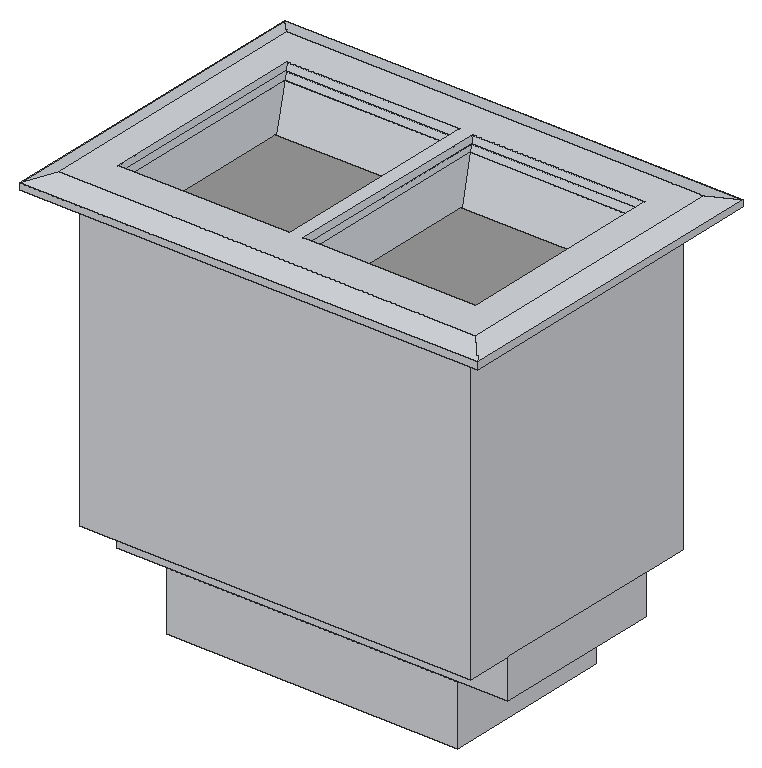
Revit family "2061104 Sylvania Lighting Fixture DOMINO 2xLED 930 WHITE MB TRIM WHITE", category Lighting Fixtures, host Face, Revit 2018
Family settings
  Host = Face
  Round Connector Dimension = Use Diameter
  Part Type = Normal
  OmniClass Number = 23.80.70.00
  OmniClass Title = Lighting
  Cut with Voids When Loaded = No
  Light Source = Yes
  Shared = No
  Room Calculation Point = No
Parameters (values of type "2061104 DOMINO 2XLED 930 WHITE MB TR WHT ")
  top top length = 44 mm
  Width = 50 mm
  Weight = "n/a"
  Wattage Comments = ""
  Wattage = 9.2903 W
  WarrantyStartDate [instance] = "n/a"
  WarrantyGuarantorParts = "n/a"
  WarrantyDurationUnit = "n/a"
  WarrantyDurationParts = ""
  WarrantyDescription = "http://www.sylvania-lighting.com"
  built-in parameter 1150110 = 1 (stored number, unit not read)
  Voltage = 0 V
  URL = "0.6"
  TypeName = "DOMINO 2xLED 930 WHITE MB TRIM WHITE"
  Type Image = <None>
  Type Comments = "n/a"
  built-in parameter 1114217 = 1 (stored number, unit not read)
  Top Width = 26 mm
  Tilt Angle = 90.00°
  built-in parameter 1150109 = 1 (stored number, unit not read)
  built-in parameter 1150134 = 3
  built-in parameter 1150113 = 1 (stored number, unit not read)
  SerialNumber [instance] = "n/a"
  Recessed Width = 43 mm
  Recessed Length = 63 mm
  Photometric Web File = "2061104.ies"
  Material_3_FEILO = none
  PowerFactor = 0
  PowerConsumption = "Lighting"
  NominalLength = 50 mm
  NominalHeight = 0 mm
  NominalDepth = 0 mm
  Name = "DOMINO 2xLED 930 WHITE MB TRIM WHITE"
  ModelReference = Name  # "DOMINO 2xLED 930 WHITE MB TRIM WHITE"
  ModelNumber = "2061104"
  Model = Name  # "DOMINO 2xLED 930 WHITE MB TRIM WHITE"
  Material = "Feilo Sylvania"
  ManufacturerName = "58 lm/W"
  Manufacturer = ""
  LuminousEfficacy = ""
  built-in parameter 1150105 = 109.82 (stored number, unit not read)
  Lumens = 1380 lm
  LuminaireType = "0"
  built-in parameter 1150115 = 1 (stored number, unit not read)
  LightOutputRatio = "LED"
  built-in parameter 1150137 = (empty or 0)
  built-in parameter 1150139 = (empty or 0)
  Lens Width = 32 mm
  Lens = Glass, White, High Luminance
  Length = 69 mm
  LampsType = Lamp  # "n/a"
  LampNominalLuminous = "3000 K"
  LampMacAdamStep = "90"
  LampColourTemperature = "LED"
  LampColourRenderingIndex = "16500"
  built-in parameter 1150112 = 1 (stored number, unit not read)
  built-in parameter 1150114 = 1 (stored number, unit not read)
  Lamp = "n/a"
  Keynote = "n/a"
  InstallationDate [instance] = "n/a"
  InputVoltage = "0"
  InputNominalFrequency = "3000"
  built-in parameter 1150132 = (empty or 0)
  built-in parameter 1150102 = (empty or 0)
  built-in parameter 1150107 = 3200 (stored number, unit not read)
  built-in parameter 1150138 = (empty or 0)
  IngressProtection = "IfcLightFixtureType"
  ImpactProtectionIndex = "IfcLightFixtureType"
  built-in parameter 1150106 = 1.0982 (stored number, unit not read)
  IfcExportType = "IfcLightFixtureType"
  IfcExportAs = "Class II"
  Facia internal width = 37 mm
  Facia internal length = 56 mm
  Facia Height = 2 mm
  ExpectedLife = 50000
  Emit from Circle Diameter = 609.6 mm
  Emit Shape Visible in Rendering = no
  ElectricShockClassification = "58"
  built-in parameter 1150104 = 13.8 (stored number, unit not read)
  DurationUnit = "hours"
  DocumentationLiterature = "http://www.sylvania-lighting.com/product/en-int/products/2061104"
  DimmingControlOptions = "n/a"
  Material_2_FEILO = none
  Dimming Lamp Color Temperature Shift = <None>
  Description = "Modular LED recessed linear spotlight, ideal for retail and hospitality applications. Die-cast aluminium body, passive cooling. Two levels of reflector installation, low glaring UGR<19. 2x LED source, 30° beam angle , optics: PMMA lens and polycarbonate reflector combination, White matt reflector finish. Light color temperature: 3000K warm white, total system power: 6W , total fixture lumen output: 345lm, efficacy: 58 lm/W, Ra90 typical, LED chromacity: 3 step MacAdam ellipse (SDCM3), lifespan: 96,000 hours at 90% of the original output (L90B10), IR/UV free light source without heat radiation, operating voltage: 220-240V / 50-60Hz, electronic driver, ultra low flicker, non-dimmable , electrical protection: Class II. Degree of Protection: IP40/IP20, suitable for indoor environment only. Ceiling cut-out: 43x43mm, outer dimensions:  70x50mm trim frame RAL 9016 - Traffic white / Bezel color.5 years Warranty."
  Default Elevation = 1219.2 mm
  CreatedOn = "10/02/2021"
  CreatedBy = "harvey.smart@sylvania-lighting.com"
  Cost = 0
  Color Filter = 16777215
  built-in parameter 1114216 [instance] = (empty or 0)
  ClassificationValue = "EF_70_80"
  ClassificationName = "Uniclass2015"
  Material_1_FEILO = none
  Body Width = 40 mm
  Body Length = 59 mm
  BarCode [instance] = "n/a"
  built-in parameter 1114218 = 1 (stored number, unit not read)
  built-in parameter 1150133 = 10 (stored number, unit not read)
  AssetType = "Fixed"
  AssetIdentifier [instance] = "n/a"
  Assembly Code = "D5020200"
  Apparent Load = 6 VA
  Material_4_FEILO = none
Reference planes
  plane 1 "Center (Front/Back)": y = 0
  plane 2: z = 0
  plane 3 "Center (Left/Right)": x = 0
  plane 4: z = 0
  plane 5: z = -7
  plane 6: z = -45.895
  plane 7: z = -51.895
  plane 8: z = -60.895
  plane 9: x = -31.5
  plane 10: x = 31.5
  plane 11: y = 21.5
  plane 12: y = -21.5
  plane 13: x = -34.5
  plane 14: x = 34.5
  plane 15: y = 25
  plane 16: y = -25
  plane 17: x = 28
  plane 18: x = -28
  plane 19: y = 18.5
  plane 20: y = -18.5
  plane 21: z = 2
  plane 22: x = -29.5
  plane 23: x = 29.5
  plane 24: y = 20
  plane 25: y = -20
  plane 26: y = 13
  plane 27: y = -13
  plane 28: x = 22
  plane 29: y = 16
  plane 30: y = -16
  plane 31: x = -27
  plane 32: x = -1
  plane 33: x = -26
  plane 34: x = -2
  plane 35: y = 12.5
  plane 36: y = -12.5
  plane 37: x = 27
  plane 38: x = 1
  plane 39: x = 2
  plane 40: x = 26.026
Forms (mm)
  Extrusion 1, solid, not visible, detail levels medium+fine
    sketch origin (4.2, 0, 0) x (1, 0, 0) y (0, 1, 0)
      loop
        line (-29.2, 34.5) -> (-29.2, -34.5) -> (20.8, -34.5) -> (20.8, 34.5) -> (-29.2, 34.5)
    from 0 to 1
  Extrusion 2, solid, not visible, detail levels medium+fine
    sketch origin (4.044, 0, 0) x (1, 0, 0) y (0, 1, 0)
      loop
        line (-29.2, 34.5) -> (-29.2, -34.5) -> (20.8, -34.5) -> (20.8, 34.5) -> (-29.2, 34.5)
    from 0 to 1
  Blend 3, solid, not visible, detail levels medium+fine
    base sketch origin (4.2, 0, 0) x (1, 0, 0) y (0, 1, 0)
      loop
        line (-29.2, 34.5) -> (-29.2, -34.5) -> (20.8, -34.5) -> (20.8, 34.5) -> (-29.2, 34.5)
    top sketch origin (4.2, 0, 0) x (1, 0, 0) y (0, 1, 0)
      loop
        line (-21.7, 28) -> (-21.7, -28) -> (13.3, -28) -> (13.3, 28) -> (-21.7, 28)
    from 1 to 3
  Extrusion 4, solid, not visible, detail levels medium+fine
    sketch origin (3.419, 0, 0) x (1, 0, 0) y (0, 1, 0)
      loop
        line (-29.2, 34.5) -> (-29.2, -34.5) -> (20.8, -34.5) -> (20.8, 34.5) -> (-29.2, 34.5)
    from 0 to 1
  Blend 5, solid, not visible, detail levels medium+fine
    base sketch origin (3.575, 0, 0) x (1, 0, 0) y (0, 1, 0)
      loop
        line (-29.2, 34.5) -> (-29.2, -34.5) -> (20.8, -34.5) -> (20.8, 34.5) -> (-29.2, 34.5)
    top sketch origin (3.575, 0, 0) x (1, 0, 0) y (0, 1, 0)
      loop
        line (-21.7, 28) -> (-21.7, -28) -> (13.3, -28) -> (13.3, 28) -> (-21.7, 28)
    from 1 to 3
  Extrusion 6, solid, not visible, detail levels medium+fine
    sketch origin (4.247, 0, 0) x (1, 0, 0) y (0, 1, 0)
      loop
        line (-29.2, 34.5) -> (-29.2, -34.5) -> (20.8, -34.5) -> (20.8, 34.5) -> (-29.2, 34.5)
    from 0 to 1
  Blend 7, solid, not visible, detail levels medium+fine
    base sketch origin (4.403, 0, 0) x (1, 0, 0) y (0, 1, 0)
      loop
        line (-29.2, 34.5) -> (-29.2, -34.5) -> (20.8, -34.5) -> (20.8, 34.5) -> (-29.2, 34.5)
    top sketch origin (4.403, 0, 0) x (1, 0, 0) y (0, 1, 0)
      loop
        line (-21.7, 28) -> (-21.7, -28) -> (13.3, -28) -> (13.3, 28) -> (-21.7, 28)
    from 1 to 3
  Extrusion 8, void, detail levels medium+fine
    sketch origin (4.2, 0, 0) x (0, 1, 0) y (1, 0, 0)
      loop
        line (21.5, -35.7) -> (21.5, 27.3) -> (-21.5, 27.3) -> (-21.5, -35.7) -> (21.5, -35.7)
    from -9.934 to 83.097
  Extrusion 9, solid, detail levels medium+fine
    sketch origin (4.2, 0, 0) x (1, 0, 0) y (0, 1, 0)
      loop
        line (-38.7, 25) -> (-38.7, -25) -> (30.3, -25) -> (30.3, 25) -> (-38.7, 25)
    from 0 to 1
  Blend 10, solid, detail levels medium+fine
    base sketch origin (4.2, 0, 0) x (1, 0, 0) y (0, 1, 0)
      loop
        line (-38.7, 25) -> (-38.7, -25) -> (30.3, -25) -> (30.3, 25) -> (-38.7, 25)
    top sketch origin (4.2, 0, 0) x (1, 0, 0) y (0, 1, 0)
      loop
        line (-35.7, 21.5) -> (-35.7, -21.5) -> (27.3, -21.5) -> (27.3, 21.5) -> (-35.7, 21.5)
    from 1 to 2
  Extrusion 11, solid, detail levels medium+fine
    sketch origin (4.2, 0, 0) x (1, 0, 0) y (0, 1, 0)
      loop
        line (-33.7, 20) -> (-33.7, -20) -> (25.3, -20) -> (25.3, 20) -> (-33.7, 20)
    from 0 to -45.895
  Extrusion 12, solid, detail levels medium+fine
    sketch origin (4.2, 0, 0) x (1, 0, 0) y (0, 1, 0)
      loop
        line (-33.7, 13) -> (-33.7, -13) -> (25.3, -13) -> (25.3, 13) -> (-33.7, 13)
    from -51.895 to -45.895
  Extrusion 13, solid, detail levels fine
    sketch origin (4.2, 0, 0) x (1, 0, 0) y (0, 1, 0)
      loop
        line (-26.2, 13) -> (-26.2, -13) -> (17.8, -13) -> (17.8, 13) -> (-26.2, 13)
    from -60.895 to -51.895
  Blend 14, void, detail levels medium+fine
    base sketch origin (4.2, 0, 0) x (0, 1, 0) y (-1, 0, 0)
      loop
        line (16, 31.2) -> (-16, 31.2) -> (-16, 5.2) -> (16, 5.2) -> (16, 31.2)
    top sketch origin (4.2, 0, 0) x (0, 1, 0) y (-1, 0, 0)
      loop
        line (12.5, 30.2) -> (-12.5, 30.2) -> (-12.5, 6.2) -> (12.5, 6.2) -> (12.5, 30.2)
    from 2 to -7
  Blend 15, void, detail levels medium+fine
    base sketch origin (4.2, 0, 0) x (0, 1, 0) y (-1, 0, 0)
      loop
        line (16, 3.2) -> (-16, 3.2) -> (-16, -22.8) -> (16, -22.8) -> (16, 3.2)
    top sketch origin (4.2, 0, 0) x (0, 1, 0) y (-1, 0, 0)
      loop
        line (12.5, 2.2) -> (-12.5, 2.2) -> (-12.5, -21.826) -> (12.5, -21.826) -> (12.5, 2.2)
    from 2 to -7
  Extrusion 16, solid, material "Glass, White, High Luminance" <- "Lens", detail levels fine
    sketch origin (0, 1219.2, 38) x (1, 0, 0) y (0, 1, 0)
      loop
        line (-26, -1206.7) -> (-26, -1231.7) -> (-2, -1231.7) -> (-2, -1206.7) -> (-26, -1206.7)
    from -45 to -44
  Extrusion 17, solid, material "Glass, White, High Luminance" <- "Lens", detail levels fine
    sketch origin (4.2, 0, 0) x (1, 0, 0) y (0, 1, 0)
      loop
        line (-2.2, 12.5) -> (-2.2, -12.5) -> (21.826, -12.5) -> (21.826, 12.5) -> (-2.2, 12.5)
    from -7 to -6
  Extrusion 18, solid, detail levels coarse
    sketch origin (0, 1219.2, 38) x (1, 0, 0) y (0, 1, 0)
      loop
        line (34.5, -1194.2) -> (-34.5, -1194.2) -> (-34.5, -1244.2) -> (34.5, -1244.2) -> (34.5, -1194.2)
    from -36 to -98.895
Cuts and joins
  Blend 14, Blend 15 cuts Extrusion 9
  Blend 14, Blend 15 cuts Blend 10
  Blend 14, Blend 15 cuts Extrusion 11
Dimensions and locks
  "Recessed Length": plane 9 to plane 10
  equal spacing: plane 9, plane 3 "Center (Left/Right)", plane 10
  "Length": plane 13 to plane 14
  equal spacing: plane 13, plane 3 "Center (Left/Right)", plane 14
  "Recessed Width": plane 11 to plane 12
  equal spacing: plane 11, plane 1 "Center (Front/Back)", plane 12
  "Width": plane 15 to plane 16
  equal spacing: plane 15, plane 1 "Center (Front/Back)", plane 16
  "Facia internal length": plane 18 to plane 17
  equal spacing: plane 18, plane 3 "Center (Left/Right)", plane 17
  "Facia internal width": plane 19 to plane 20
  equal spacing: plane 19, plane 1 "Center (Front/Back)", plane 20
  "Facia Height": plane 21 to host face
  "Body Length": plane 22 to plane 23
  equal spacing: plane 22, plane 3 "Center (Left/Right)", plane 23
  "Body Width": plane 24 to plane 25
  equal spacing: plane 24, plane 1 "Center (Front/Back)", plane 25
  "Top Width": plane 26 to plane 27
  equal spacing: plane 26, plane 1 "Center (Front/Back)", plane 27
  plane 3 "Center (Left/Right)" to plane 28 = 22 mm
  "Lens Width": plane 29 to plane 30
  equal spacing: plane 29, plane 1 "Center (Front/Back)", plane 30
  aligned and locked: plane 2 to host face
  aligned and locked: level to host face
  aligned and locked: plane 21 to Blend 10
  aligned and locked: Extrusion 9 to Blend 10
  aligned and locked: plane 7 to Extrusion 13
  aligned and locked: Extrusion 12 to plane 7
  aligned and locked: Extrusion 11 to plane 6
  aligned and locked: Blend 14 to plane 5
  aligned and locked: plane 21 to Blend 14
  aligned and locked: Blend 15 to plane 5
  aligned and locked: plane 21 to Blend 15
Automatic sketch dimensions
  host sketch curve to host sketch curve = 2438.4 mm  (x2)
  Extrusion 1 sketch curve to Extrusion 1 sketch curve = 50 mm
  Extrusion 1 sketch curve to Extrusion 1 sketch curve = 69 mm
  Extrusion 2 sketch curve to Extrusion 2 sketch curve = 50 mm
  Extrusion 2 sketch curve to Extrusion 2 sketch curve = 69 mm
  Blend 3 sketch curve to Blend 3 sketch curve = 50 mm
  Blend 3 sketch curve to Blend 3 sketch curve = 69 mm
  Blend 3 sketch curve to Blend 3 sketch curve = 35 mm
  Blend 3 sketch curve to Blend 3 sketch curve = 56 mm
  Extrusion 4 sketch curve to Extrusion 4 sketch curve = 50 mm
  Extrusion 4 sketch curve to Extrusion 4 sketch curve = 69 mm
  Blend 5 sketch curve to Blend 5 sketch curve = 50 mm
  Blend 5 sketch curve to Blend 5 sketch curve = 69 mm
  Blend 5 sketch curve to Blend 5 sketch curve = 35 mm
  Blend 5 sketch curve to Blend 5 sketch curve = 56 mm
  Extrusion 6 sketch curve to Extrusion 6 sketch curve = 50 mm
  Extrusion 6 sketch curve to Extrusion 6 sketch curve = 69 mm
  Blend 7 sketch curve to Blend 7 sketch curve = 50 mm
  Blend 7 sketch curve to Blend 7 sketch curve = 69 mm
  Blend 7 sketch curve to Blend 7 sketch curve = 35 mm
  Blend 7 sketch curve to Blend 7 sketch curve = 56 mm
  Extrusion 8 sketch curve to plane 9 = 0 mm
  Extrusion 8 sketch curve to plane 12 = 0 mm
  Extrusion 8 sketch curve to plane 11 = 0 mm
  Extrusion 8 sketch curve to plane 10 = 0 mm
  Extrusion 9 sketch curve to plane 13 = 0 mm
  Extrusion 9 sketch curve to plane 14 = 0 mm
  Extrusion 9 sketch curve to plane 16 = 0 mm
  Extrusion 9 sketch curve to plane 15 = 0 mm
  Blend 10 sketch curve to plane 13 = 0 mm
  Blend 10 sketch curve to plane 14 = 0 mm
  Blend 10 sketch curve to plane 16 = 0 mm
  Blend 10 sketch curve to plane 15 = 0 mm
  Blend 10 sketch curve to plane 9 = 0 mm
  Blend 10 sketch curve to plane 10 = 0 mm
  Blend 10 sketch curve to plane 12 = 0 mm
  Blend 10 sketch curve to plane 11 = 0 mm
  Extrusion 11 sketch curve to plane 22 = 0 mm
  Extrusion 11 sketch curve to plane 23 = 0 mm
  Extrusion 11 sketch curve to plane 25 = 0 mm
  Extrusion 11 sketch curve to plane 24 = 0 mm
  Extrusion 12 sketch curve to plane 22 = 0 mm
  Extrusion 12 sketch curve to plane 23 = 0 mm
  Extrusion 12 sketch curve to plane 27 = 0 mm
  Extrusion 12 sketch curve to plane 26 = 0 mm
  Extrusion 13 sketch curve to plane 27 = 0 mm
  Extrusion 13 sketch curve to plane 28 = 0 mm
  Extrusion 13 sketch curve to plane 26 = 0 mm
  plane 18 to Extrusion 13 sketch curve = 6 mm
  Blend 14 sketch curve to plane 30 = 0 mm
  Blend 14 sketch curve to plane 29 = 0 mm
  Blend 14 sketch curve to plane 32 = 0 mm
  Blend 14 sketch curve to plane 31 = 0 mm
  Blend 14 sketch curve to plane 33 = 0 mm
  Blend 14 sketch curve to plane 36 = 0 mm
  Blend 14 sketch curve to plane 35 = 0 mm
  Blend 14 sketch curve to plane 34 = 0 mm
  Blend 15 sketch curve to plane 30 = 0 mm
  Blend 15 sketch curve to plane 29 = 0 mm
  Blend 15 sketch curve to plane 37 = 0 mm
  Blend 15 sketch curve to plane 38 = 0 mm
  Blend 15 sketch curve to plane 36 = 0 mm
  Blend 15 sketch curve to plane 35 = 0 mm
  Blend 15 sketch curve to plane 40 = 0 mm
  Blend 15 sketch curve to plane 39 = 0 mm
  plane 31 to Extrusion 16 sketch curve = 1 mm
  Extrusion 16 sketch curve to plane 11 = 9 mm
  Extrusion 16 sketch curve to plane 34 = 0 mm
  plane 1 "Center (Front/Back)" to Extrusion 16 sketch curve = 12.5 mm
  Extrusion 17 sketch curve to plane 36 = 0 mm
  Extrusion 17 sketch curve to plane 39 = 0 mm
  Extrusion 17 sketch curve to plane 40 = 0 mm
  Extrusion 17 sketch curve to plane 35 = 0 mm
  Extrusion 18 sketch curve to plane 33 = 8.5 mm
  plane 14 to Extrusion 18 sketch curve = 0 mm
  plane 16 to Extrusion 18 sketch curve = 50 mm
  Extrusion 18 sketch curve to plane 36 = 12.5 mm
